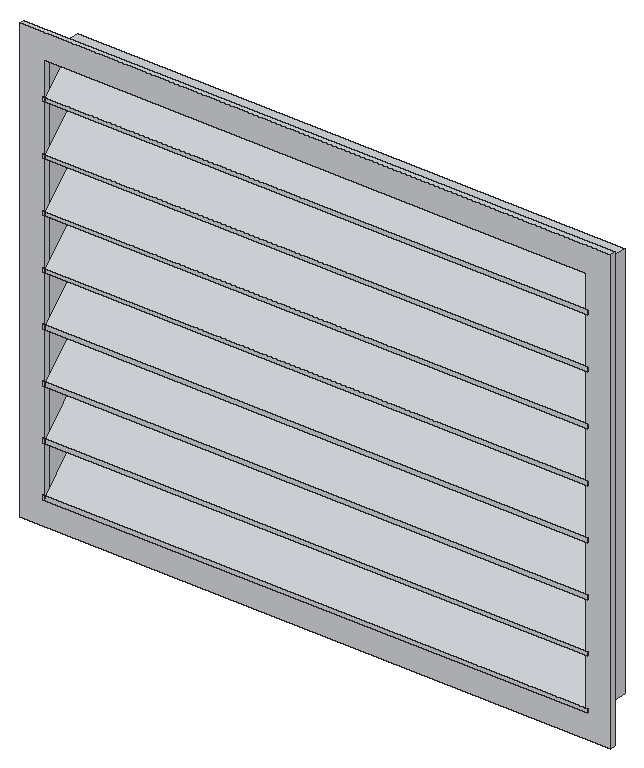
Revit family "НЕВАТОМ_Решетка PH_20220407", category Воздухораспределители, Revit 2017
Family settings
  Размер круглого соединителя = Использовать диаметр
  Тип детали = Нормальный
  На основе рабочей плоскости = Нет
  Всегда вертикально = Нет
  При загрузке вырезать с полостями = Нет
  Общий = Нет
  Точка расчета площади = Нет
Parameters (values of type "РЕШЕТКА РН")
  ТП [instance] = "РЕШЕТКА РН"
  С = 25 mm  # constant formula
  Расход [instance] = 0.0 L/s
  Материал = Материал корпуса
  t = 1.5 mm  # constant formula
  Nevatom_URL = "https://t.me/NEVATOM_Bim_bot"
  N1 [instance] = size_lookup(ТП, "N", 0, A, B)  # 8
  N [instance] = N1  # 8
  L1 = 35 mm  # constant formula
  L = 45 mm  # constant formula
  B 1 [instance] = B + 47 mm  # 597 mm
  B [instance] = 550 mm
  ADSK_Размер_Ширина [instance] = L  # 45 mm
  ADSK_Размер_Длина [instance] = B 1  # 597 mm
  ADSK_Размер_Высота [instance] = A1  # 447 mm
  ADSK_Материал наименование = "Оцинкованная сталь"  # constant formula
  A1 [instance] = A + 47 mm  # 447 mm
  A [instance] = 400 mm
  ADSK_Расход воздуха = 0.0 L/s
  ADSK_Примечание = ""
  ADSK_Потеря давления воздуха = 0.0 Pa
  ADSK_Позиция = ""
  ADSK_Наименование = "РЕШЕТКА"
  ADSK_Масса_Текст = "кг"
  ADSK_Масса = 0
  ADSK_Марка [instance] = size_lookup(ТП, "", "Ошибка типоразмера", A, B)  # "РН-RAL6029-400х550"
  ADSK_Код изделия = ""
  ADSK_Завод-изготовитель = "NEVATOM"
  ADSK_Единица измерения = "шт"
Reference planes
  plane 1 "По центру (Вперед/Назад)": y = 0
  plane 2: z = 0
  plane 3 "По центру (Влево/Вправо)": x = 0
  plane 4: y = 22.5
  plane 5: y = -22.5
  plane 6: x = -298.5
  plane 7: x = -275
  plane 8: x = 275
  plane 9: x = 298.5
  plane 10: z = 223.5
  plane 11: z = -223.5
  plane 12: z = 200
  plane 13: z = -200
  plane 14: y = 12.5
  plane 15: x = 273.5
  plane 16: x = -273.5
  plane 17: z = 198.5
  plane 18: z = -198.5
Forms (mm)
  Extrusion 1, solid
    sketch origin (0, 0, 0) x (1, 0, 0) y (0, 0, 1)
      loop
        line (-298.5, 223.5) -> (-298.5, -223.5) -> (298.5, -223.5) -> (298.5, 223.5) -> (-298.5, 223.5)
      loop
        line (-273.5, 198.5) -> (-273.5, -198.5) -> (273.5, -198.5) -> (273.5, 198.5) -> (-273.5, 198.5)
    from 17.5 to 22.5
  Extrusion 2, solid
    sketch origin (0, 0, 0) x (1, 0, 0) y (0, 0, 1)
      loop
        line (-273.5, 198.5) -> (-273.5, -200) -> (275, -200) -> (275, 198.5) -> (-273.5, 198.5)
      loop
        line (-276.5, 201.5) -> (-276.5, -201.5) -> (276.5, -201.5) -> (276.5, 201.5) -> (-276.5, 201.5)
    from -22.5 to 17.5
Dimensions and locks
  equal spacing: plane 4, plane 1 "По центру (Вперед/Назад)", plane 5
  "L": plane 4 to plane 5
  equal spacing: plane 7, plane 3 "По центру (Влево/Вправо)", plane 8
  "B": plane 7 to plane 8
  equal spacing: plane 6, plane 3 "По центру (Влево/Вправо)", plane 9
  "B 1": plane 6 to plane 9
  equal spacing: plane 12, level, plane 13
  "A": plane 12 to plane 13
  equal spacing: plane 10, level, plane 11
  "A1": plane 10 to plane 11
  "t": Extrusion 2 sketch curve to plane 12
  "t": Extrusion 2 sketch curve to plane 8
  "t": plane 7 to Extrusion 2 sketch curve
  "t": plane 13 to Extrusion 2 sketch curve
  locked: Extrusion 1 to plane 5 at 5
  equal spacing: group 1, group 3, group 4, group 5, group 6, group 7, group 8, group 2  (x3)
  "L1": plane 14 to plane 5
  "С": plane 18 to plane 11
  "С": plane 10 to plane 17
  "С": plane 9 to plane 15
  "С": plane 16 to plane 6
  aligned and locked: level to plane 2
  aligned and locked: Extrusion 1 sketch curve to plane 10
  aligned and locked: plane 6 to Extrusion 1 sketch curve
  aligned and locked: plane 11 to Extrusion 1 sketch curve
  aligned and locked: Extrusion 1 sketch curve to plane 9
  aligned and locked: plane 4 to Extrusion 2
  aligned and locked: nested 1 to plane 3 "По центру (Влево/Вправо)"
  aligned and locked: plane 12 to nested 2
  aligned and locked: plane 13 to nested 1
  aligned and locked: plane 14 to nested 2
  aligned and locked: plane 14 to nested 1
  aligned and locked: Extrusion 1 to plane 15
  aligned and locked: Extrusion 2 to plane 17
  aligned and locked: plane 18 to Extrusion 1 sketch curve
  aligned and locked: Extrusion 1 sketch curve to plane 15
  aligned and locked: Extrusion 1 sketch curve to plane 17
  aligned and locked: plane 16 to Extrusion 1 sketch curve
  aligned and locked: nested 9 to Extrusion 2  (x2)
  aligned and locked: Extrusion 1 to nested 9
Automatic sketch dimensions
  Extrusion 2 sketch curve to plane 13 = 0 mm
  Extrusion 2 sketch curve to plane 16 = 0 mm
  Extrusion 2 sketch curve to plane 8 = 0 mm
  Extrusion 2 sketch curve to plane 17 = 0 mm
Nested families
  nested 1: "Семейство1" at (0, 12.5, -160.757), type "Семейство1"
    with l 35 mm, A 550 mm
  nested 2: "Семейство1" at (0, 12.5, 200), type "Семейство1"
    with l 35 mm, A 550 mm
  nested 3: "Семейство1" at (0, 12.5, -109.221), type "Семейство1"
    with l 35 mm, A 550 mm
  nested 4: "Семейство1" at (0, 12.5, -57.684), type "Семейство1"
    with l 35 mm, A 550 mm
  nested 5: "Семейство1" at (0, 12.5, -6.147), type "Семейство1"
    with l 35 mm, A 550 mm
  nested 6: "Семейство1" at (0, 12.5, 45.39), type "Семейство1"
    with l 35 mm, A 550 mm
  nested 7: "Семейство1" at (0, 12.5, 96.926), type "Семейство1"
    with l 35 mm, A 550 mm
  nested 8: "Семейство1" at (0, 12.5, 148.463), type "Семейство1"
    with l 35 mm, A 550 mm
  nested 9: "НЕВАТОМ_QR-AxB" at (-264, -5, 201.5), type "Nevatom_Logo_25x25", not visible
Connectors
  hvac at (0, 22.5, 0), driven by "A", driven by "B", driven by "Расход"
    settings: on Extrusion 2, index 1, duct flow 0.0 L/s, flow factor 0, pres drop 0.0 Pa, loss coef 0, conn angle 0.00°, conn width 550 mm, conn height 400 mm, conn diameter 609.6 mm, duct sys type 29, conn prof type 1, flow config 1, flow direction 0, loss method 0, conn ref index -1, conn util no, is conn primary yes, conn desc ""
Definition of nested family "Семейство1"
  Parameters (values of type "Семейство1")
    t = 3 mm
    l = 30 mm
    A = 380 mm
  Reference planes
    plane 1 "По центру (Вперед/Назад)": y = 0
    plane 2: z = 0
    plane 3 "По центру (Влево/Вправо)": x = 0
    plane 4: through (0, 0, 0) normal (0, -0.7071, -0.7071)
    plane 5: x = -190
    plane 6: x = 190
    plane 7: through (0, -5.385, 5.385) normal (0, -0.7071, 0.7071)
    plane 8: y = 30
  Forms (mm)
    Extrusion 1, solid
      sketch origin (0, 0, 0) x (0, 1, 0) y (0, 0, 1)
        loop
          line (30, -34.243) -> (30, -30) -> (0, 0) -> (0, -4.243) -> (30, -34.243)
      from -190 to 190
  Dimensions and locks
    "t": Extrusion 1 sketch curve to plane 4
    equal spacing: plane 5, plane 3 "По центру (Влево/Вправо)", plane 6
    "A": plane 5 to plane 6
    "l": plane 8 to plane 1 "По центру (Вперед/Назад)"
    locked: level to plane 4 (angle 45.00°)
    aligned and locked: level to plane 2
    aligned and locked: plane 1 "По центру (Вперед/Назад)" to Extrusion 1 sketch curve
    aligned and locked: Extrusion 1 to plane 5
    aligned and locked: plane 6 to Extrusion 1
    aligned and locked: Extrusion 1 sketch curve to plane 8
  Automatic sketch dimensions
    plane 4 to Extrusion 1 sketch curve = 0 mm
    Extrusion 1 sketch curve to level = 0 mm
Definition of nested family "НЕВАТОМ_QR-AxB"
  Parameters (values of type "Nevatom_Logo_25x25")
    Logo_Image = none
    L = 2 mm
    B = A  # 25 mm
    A = 25 mm
  Types (5, lengths in mm): name | B | A
    (no name) | 25 | 25
    Nevatom_Logo_200x200 | 200 | 200
    Nevatom_Logo_100x100 | 100 | 100
    Nevatom_Logo_50x50 | 50 | 50
    Nevatom_Logo_25x25 | 25 | 25
  Reference planes
    plane 1 "По центру (Вперед/Назад)": y = 0
    plane 2: z = 0
    plane 3 "По центру (Влево/Вправо)": x = 0
    plane 4: x = -12.5
    plane 5: x = 12.5
    plane 6: y = 12.5
    plane 7: y = -12.5
  Forms (mm)
    Extrusion 1, solid, material <- "Logo_Image"
      sketch origin (0, 0, 0) x (1, 0, 0) y (0, 1, 0)
        loop
          line (-12.5, 12.5) -> (-12.5, -12.5) -> (12.5, -12.5) -> (12.5, 12.5) -> (-12.5, 12.5)
      from 0 to 2 <- "L"
  Lines and regions (mm)
    reference lines
      curve 1: line (-12.5, 12.5, 0) -> (12.5, 12.5, 0)
      curve 2: line (12.5, 12.5, 0) -> (12.5, -12.5, 0)
      curve 3: line (12.5, -12.5, 0) -> (-12.5, -12.5, 0)
      curve 4: line (-12.5, -12.5, 0) -> (-12.5, 12.5, 0)
  Dimensions and locks
    equal spacing: plane 4, plane 3 "По центру (Влево/Вправо)", plane 5
    "A": plane 4 to plane 5
    equal spacing: plane 6, plane 1 "По центру (Вперед/Назад)", plane 7
    "B": plane 6 to plane 7
    aligned and locked: level to plane 2
    aligned and locked: plane 6 to curve 1
    aligned and locked: plane 4 to curve 4
    aligned and locked: plane 5 to curve 2
    aligned and locked: plane 7 to curve 3
    aligned and locked: Extrusion 1 sketch curve to curve 1
    aligned and locked: Extrusion 1 sketch curve to curve 4
    aligned and locked: Extrusion 1 sketch curve to curve 3
    aligned and locked: Extrusion 1 sketch curve to curve 2
